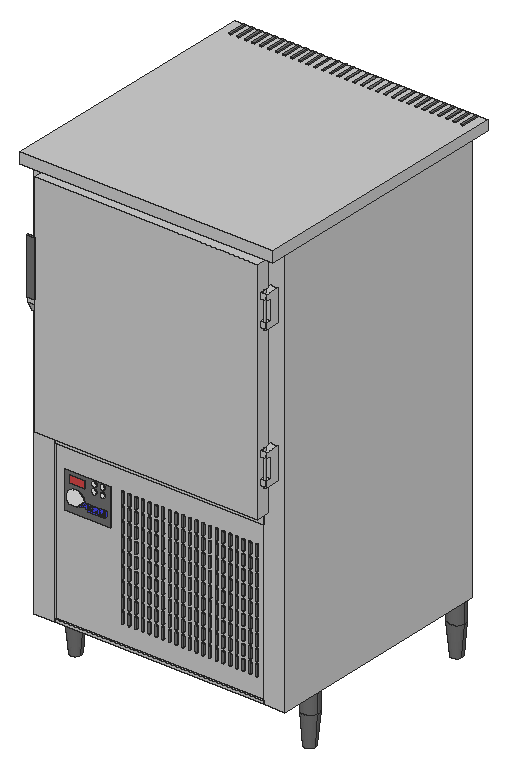
Revit family "QF_ACFRI_RS25-RL.190709092719", category Specialty Equipment, Revit 2016
Family settings
  Part Type = Normal
  Round Connector Dimension = Use Diameter
  OmniClass Number = 23.40.40.14
  OmniClass Title = Food Service Equipment
  Work Plane-Based = No
  Always vertical = Yes
  Cut with Voids When Loaded = No
  Shared = No
  Room Calculation Point = No
Parameters (values of type "RS25-RL_230V/1Ph/50Hz")
  URL catalogue = ""
  URL = "www.acfri.com"
  Type de Raccord Electrique [instance] = ""
  Type article [instance] = ""
  Tension = 230 V
  Status [instance] = ""
  Spécification technique = ""
  Spécification du Fabricant [instance] = ""
  Spécification de l'Utilisateur [instance] = ""
  SMACNA No spécifique pour les matériaux  Etats Unis = ""
  Quantité par lot [instance] = no
  Puissance électrique  = 1451 W
  Puissance en CV = ""
  Puissance Apparente = 1451 VA
  Protection de l'Appareil = 0 A
  Profondeur hors tout = 800 mm
  Poids net à vide = 140.00 kg
  Phase = 1
  Numéro de Série = ""
  Nombres de Pôles = 2
  Nombre d'identification NAFEM = ""
  Model = "RS25-RL"
  Manufacturer = "ACFRI"
  Longueur hors tout = 755 mm
  Intensité nominale courant electrique = 10 A
  Installé Par [instance] = ""
  Identifiant Equipement [instance] = no
  Hauteur hors tout = 1405 mm
  Hauteur de Raccordement du Sol Finis [instance] = 50 mm
  Hauteur de Raccordement du Sol Brut [instance] = 0 mm
  Fréquence = 50 Hz
  Fournis Par [instance] = ""
  Description = "CELLULE SÉRIE SMALL À GRILLE REFROIDISSEMENT/ SURGÉLATION RAPIDE"
  Câble de connexion à l'appareil inclus = no
  Cost = 0
  Consommation d'énergie minimale = 0 A
  Connexion prise électrique  = ""
  Code de Révision [instance] = ""
  Classification dans le projet = ""
  Classement sismique = ""
  Accessoires = no
Reference planes
  plane 1 "Centre (avant/arrière)": y = 0
  plane 2: z = 0
  plane 3 "Centre (gauche/droite)": x = 0
Forms (mm)
  Extrusion 1, solid, not visible
    sketch origin (49, -2, 199) x (1, 0, 0) y (0, 1, 0)
      loop
        line (0, 0) -> (2, 0) -> (2, 2) -> (0, 2) -> (0, 0)
    from 0 to 2
Dimensions and locks
  aligned and locked: level to plane 2
Nested families
  nested 1: "QF_ACFRI_RS25-RL_230V_1Ph_50Hz" at (0, 0, 150), type "RS25-RL_230V/1Ph/50Hz"
    with Show Logo yes, Show Clearance yes
  nested 2: "QF_ACFRI_RS25_30_40_DOOR_RX" at (0, 0, 150), type "RS25_30_40_DOOR_RX"
    with Show Logo yes, Show Clearance yes
  nested 3: "QF_ACFRI_RS12_15_20_LEGS" at (0, 0, 0), type "RS12_15_20_LEGS"
    with Show Logo yes, Show Clearance yes
  nested 4: "QF_ACFRI_RS25_30_40-CP" at (0, 0, 150), type "RS25_30_40-CP"
    with Show Logo yes, Show Clearance yes
Connectors
  electrical at (50, 0, 200), driven by "Puissance Apparente", driven by "Nombres de Pôles", driven by "Tension"
    settings: on Extrusion 1, index 1, voltage 230 V, apparent load 0 VA, apparent load phase1 1451 VA, apparent load phase2 0 VA, apparent load phase3 0 VA, power factor 1, load classification "Other", number of poles 2, system type 31, power factor state 1, is connector primary yes, connector utility no, sub classification motor no, connector description "Electric connection for 'RS25-RL'"
Definition of nested family "QF_ACFRI_RS25-RL_230V_1Ph_50Hz"
  Parameters (values of type "RS25-RL_230V/1Ph/50Hz")
    URL = "www.acfri.com"
    Show Logo [instance] = yes
    Show Clearance [instance] = yes
    Model = "RS25-RL"
    Manufacturer = "ACFRI"
    Description = "6 TO 11 LEVELS - REACH SPECIFICATION BLAST CHILLING, DEEP FREEZING CELLS"
    Assembly Code = "E1090320"
  Types (3, lengths in mm): name | Model | Description
    RS25-RL_230V/1Ph/50Hz | "RS25-RL" | "6 TO 11 LEVELS - REACH SPECIFICATION BLAST CHILLING, DEEP FREEZING CELLS"
    RS30-RL | "RS30-RL" | "6 TO 11 LEVELS - REACH SPECIFICATION BLAST CHILLING, DEEP FREEZING CELLS"
    RS40-RL | "RS40-RL" | "8 TO 15 LEVELS - REACH SPECIFICATION BLAST CHILLING, DEEP FREEZING CELLS"
  Reference planes
    plane 1 "Back": y = 0
    plane 2: z = 0
    plane 3 "Left": x = 0
    plane 4 "Right": x = 755
    plane 5 "Front": y = -800
    plane 6 "Top": z = 1254.917
  Forms (mm)
    Extrusion 1, solid
      sketch origin (0, 0, -150) x (0, 1, 0) y (0, 0, 1)
        loop
          line (-56.57, 1373.957) -> (-752.05, 1373.957) -> (-752.05, 150) -> (-56.57, 150) -> (-56.57, 1373.957)
      from 3.267 to 65.187
    Extrusion 2, solid
      sketch origin (0, 0, 289.917) x (0, 1, 0) y (0, 0, 1)
        loop
          line (0, 965) -> (-800, 965) -> (-800, 934.04) -> (0, 934.04) -> (0, 965)
      from 0 to 755
    Extrusion 3, solid
      sketch origin (0, 0, 1253.917) x (1, 0, 0) y (0, 1, 0)
        loop
          line (28.646, -1.681) -> (28.646, -56.57) -> (35.372, -56.57) -> (35.372, -1.681) -> (28.646, -1.681)
        loop
          line (51.706, -1.681) -> (51.706, -56.57) -> (58.431, -56.57) -> (58.431, -1.681) -> (51.706, -1.681)
        loop
          line (74.765, -1.681) -> (74.765, -56.57) -> (81.491, -56.57) -> (81.491, -1.681) -> (74.765, -1.681)
        loop
          line (97.825, -1.681) -> (97.825, -56.57) -> (104.551, -56.57) -> (104.551, -1.681) -> (97.825, -1.681)
        loop
          line (120.885, -1.681) -> (120.885, -56.57) -> (127.611, -56.57) -> (127.611, -1.681) -> (120.885, -1.681)
        loop
          line (143.945, -1.681) -> (143.945, -56.57) -> (150.671, -56.57) -> (150.671, -1.681) -> (143.945, -1.681)
        loop
          line (167.005, -1.681) -> (167.005, -56.57) -> (173.731, -56.57) -> (173.731, -1.681) -> (167.005, -1.681)
        loop
          line (190.065, -1.681) -> (190.065, -56.57) -> (196.79, -56.57) -> (196.79, -1.681) -> (190.065, -1.681)
        loop
          line (213.124, -1.681) -> (213.124, -56.57) -> (219.85, -56.57) -> (219.85, -1.681) -> (213.124, -1.681)
        loop
          line (236.184, -1.681) -> (236.184, -56.57) -> (242.91, -56.57) -> (242.91, -1.681) -> (236.184, -1.681)
        loop
          line (259.244, -1.681) -> (259.244, -56.57) -> (265.97, -56.57) -> (265.97, -1.681) -> (259.244, -1.681)
        loop
          line (282.304, -1.681) -> (282.304, -56.57) -> (289.03, -56.57) -> (289.03, -1.681) -> (282.304, -1.681)
        loop
          line (305.364, -1.681) -> (305.364, -56.57) -> (312.09, -56.57) -> (312.09, -1.681) -> (305.364, -1.681)
        loop
          line (328.424, -1.681) -> (328.424, -56.57) -> (335.149, -56.57) -> (335.149, -1.681) -> (328.424, -1.681)
        loop
          line (351.483, -1.681) -> (351.483, -56.57) -> (358.209, -56.57) -> (358.209, -1.681) -> (351.483, -1.681)
        loop
          line (374.543, -1.681) -> (374.543, -56.57) -> (381.269, -56.57) -> (381.269, -1.681) -> (374.543, -1.681)
        loop
          line (397.603, -1.681) -> (397.603, -56.57) -> (404.329, -56.57) -> (404.329, -1.681) -> (397.603, -1.681)
        loop
          line (420.663, -1.681) -> (420.663, -56.57) -> (427.389, -56.57) -> (427.389, -1.681) -> (420.663, -1.681)
        loop
          line (443.723, -1.681) -> (443.723, -56.57) -> (450.448, -56.57) -> (450.448, -1.681) -> (443.723, -1.681)
        loop
          line (466.783, -1.681) -> (466.783, -56.57) -> (473.508, -56.57) -> (473.508, -1.681) -> (466.783, -1.681)
        loop
          line (489.842, -1.681) -> (489.842, -56.57) -> (496.568, -56.57) -> (496.568, -1.681) -> (489.842, -1.681)
        loop
          line (512.902, -1.681) -> (512.902, -56.57) -> (519.628, -56.57) -> (519.628, -1.681) -> (512.902, -1.681)
        loop
          line (535.962, -1.681) -> (535.962, -56.57) -> (542.688, -56.57) -> (542.688, -1.681) -> (535.962, -1.681)
        loop
          line (559.022, -1.681) -> (559.022, -56.57) -> (565.748, -56.57) -> (565.748, -1.681) -> (559.022, -1.681)
        loop
          line (582.082, -1.681) -> (582.082, -56.57) -> (588.807, -56.57) -> (588.807, -1.681) -> (582.082, -1.681)
        loop
          line (605.141, -1.681) -> (605.141, -56.57) -> (611.867, -56.57) -> (611.867, -1.681) -> (605.141, -1.681)
        loop
          line (628.201, -1.681) -> (628.201, -56.57) -> (634.927, -56.57) -> (634.927, -1.681) -> (628.201, -1.681)
        loop
          line (651.261, -1.681) -> (651.261, -56.57) -> (657.987, -56.57) -> (657.987, -1.681) -> (651.261, -1.681)
        loop
          line (674.321, -1.681) -> (674.321, -56.57) -> (681.047, -56.57) -> (681.047, -1.681) -> (674.321, -1.681)
        loop
          line (697.381, -1.681) -> (697.381, -56.57) -> (704.107, -56.57) -> (704.107, -1.681) -> (697.381, -1.681)
        loop
          line (720.441, -1.681) -> (720.441, -56.57) -> (727.166, -56.57) -> (727.166, -1.681) -> (720.441, -1.681)
      from 0 to 2
    Extrusion 4, solid
      sketch origin (0, -100.05, -150) x (1, 0, 0) y (0, 0, 1)
        loop
          line (44.706, 1347.823) -> (44.706, 672.113) -> (701.163, 672.113) -> (701.163, 1347.823) -> (44.706, 1347.823)
        loop
          line (65.187, 1327.517) -> (65.187, 692.419) -> (680.711, 692.419) -> (680.711, 1327.517) -> (65.187, 1327.517)
      from 652 to 662.15
    Extrusion 5, solid
      sketch origin (0, -746.05, -119.991) x (1, 0, 0) y (0, 0, 1)
        loop
          line (261.229, 454.546) -> (261.229, 427.546)
          arc (261.229, 427.546) -> (264.729, 424.046) -> (268.229, 427.546) r 3.5
          line (268.229, 427.546) -> (268.229, 454.546)
          arc (268.229, 454.546) -> (264.729, 458.046) -> (261.229, 454.546) r 3.5
        loop
          line (281.229, 454.546) -> (281.229, 427.546)
          arc (281.229, 427.546) -> (284.729, 424.046) -> (288.229, 427.546) r 3.5
          line (288.229, 427.546) -> (288.229, 454.546)
          arc (288.229, 454.546) -> (284.729, 458.046) -> (281.229, 454.546) r 3.5
        loop
          line (301.229, 454.546) -> (301.229, 427.546)
          arc (301.229, 427.546) -> (304.729, 424.046) -> (308.229, 427.546) r 3.5
          line (308.229, 427.546) -> (308.229, 454.546)
          arc (308.229, 454.546) -> (304.729, 458.046) -> (301.229, 454.546) r 3.5
        loop
          line (321.229, 454.546) -> (321.229, 427.546)
          arc (321.229, 427.546) -> (324.729, 424.046) -> (328.229, 427.546) r 3.5
          line (328.229, 427.546) -> (328.229, 454.546)
          arc (328.229, 454.546) -> (324.729, 458.046) -> (321.229, 454.546) r 3.5
        loop
          line (341.229, 454.546) -> (341.229, 427.546)
          arc (341.229, 427.546) -> (344.729, 424.046) -> (348.229, 427.546) r 3.5
          line (348.229, 427.546) -> (348.229, 454.546)
          arc (348.229, 454.546) -> (344.729, 458.046) -> (341.229, 454.546) r 3.5
        loop
          line (361.229, 454.546) -> (361.229, 427.546)
          arc (361.229, 427.546) -> (364.729, 424.046) -> (368.229, 427.546) r 3.5
          line (368.229, 427.546) -> (368.229, 454.546)
          arc (368.229, 454.546) -> (364.729, 458.046) -> (361.229, 454.546) r 3.5
        loop
          line (381.229, 454.546) -> (381.229, 427.546)
          arc (381.229, 427.546) -> (384.729, 424.046) -> (388.229, 427.546) r 3.5
          line (388.229, 427.546) -> (388.229, 454.546)
          arc (388.229, 454.546) -> (384.729, 458.046) -> (381.229, 454.546) r 3.5
        loop
          line (401.229, 454.546) -> (401.229, 427.546)
          arc (401.229, 427.546) -> (404.729, 424.046) -> (408.229, 427.546) r 3.5
          line (408.229, 427.546) -> (408.229, 454.546)
          arc (408.229, 454.546) -> (404.729, 458.046) -> (401.229, 454.546) r 3.5
        loop
          line (421.229, 454.546) -> (421.229, 427.546)
          arc (421.229, 427.546) -> (424.729, 424.046) -> (428.229, 427.546) r 3.5
          line (428.229, 427.546) -> (428.229, 454.546)
          arc (428.229, 454.546) -> (424.729, 458.046) -> (421.229, 454.546) r 3.5
        loop
          line (441.229, 454.546) -> (441.229, 427.546)
          arc (441.229, 427.546) -> (444.729, 424.046) -> (448.229, 427.546) r 3.5
          line (448.229, 427.546) -> (448.229, 454.546)
          arc (448.229, 454.546) -> (444.729, 458.046) -> (441.229, 454.546) r 3.5
        loop
          line (461.229, 454.546) -> (461.229, 427.546)
          arc (461.229, 427.546) -> (464.729, 424.046) -> (468.229, 427.546) r 3.5
          line (468.229, 427.546) -> (468.229, 454.546)
          arc (468.229, 454.546) -> (464.729, 458.046) -> (461.229, 454.546) r 3.5
        loop
          line (481.229, 454.546) -> (481.229, 427.546)
          arc (481.229, 427.546) -> (484.729, 424.046) -> (488.229, 427.546) r 3.5
          line (488.229, 427.546) -> (488.229, 454.546)
          arc (488.229, 454.546) -> (484.729, 458.046) -> (481.229, 454.546) r 3.5
        loop
          line (501.229, 454.546) -> (501.229, 427.546)
          arc (501.229, 427.546) -> (504.729, 424.046) -> (508.229, 427.546) r 3.5
          line (508.229, 427.546) -> (508.229, 454.546)
          arc (508.229, 454.546) -> (504.729, 458.046) -> (501.229, 454.546) r 3.5
        loop
          line (521.229, 454.546) -> (521.229, 427.546)
          arc (521.229, 427.546) -> (524.729, 424.046) -> (528.229, 427.546) r 3.5
          line (528.229, 427.546) -> (528.229, 454.546)
          arc (528.229, 454.546) -> (524.729, 458.046) -> (521.229, 454.546) r 3.5
        loop
          line (541.229, 454.546) -> (541.229, 427.546)
          arc (541.229, 427.546) -> (544.729, 424.046) -> (548.229, 427.546) r 3.5
          line (548.229, 427.546) -> (548.229, 454.546)
          arc (548.229, 454.546) -> (544.729, 458.046) -> (541.229, 454.546) r 3.5
        loop
          line (561.229, 454.546) -> (561.229, 427.546)
          arc (561.229, 427.546) -> (564.729, 424.046) -> (568.229, 427.546) r 3.5
          line (568.229, 427.546) -> (568.229, 454.546)
          arc (568.229, 454.546) -> (564.729, 458.046) -> (561.229, 454.546) r 3.5
        loop
          line (581.229, 454.546) -> (581.229, 427.546)
          arc (581.229, 427.546) -> (584.729, 424.046) -> (588.229, 427.546) r 3.5
          line (588.229, 427.546) -> (588.229, 454.546)
          arc (588.229, 454.546) -> (584.729, 458.046) -> (581.229, 454.546) r 3.5
        loop
          line (601.229, 454.546) -> (601.229, 427.546)
          arc (601.229, 427.546) -> (604.729, 424.046) -> (608.229, 427.546) r 3.5
          line (608.229, 427.546) -> (608.229, 454.546)
          arc (608.229, 454.546) -> (604.729, 458.046) -> (601.229, 454.546) r 3.5
        loop
          line (621.229, 454.546) -> (621.229, 427.546)
          arc (621.229, 427.546) -> (624.729, 424.046) -> (628.229, 427.546) r 3.5
          line (628.229, 427.546) -> (628.229, 454.546)
          arc (628.229, 454.546) -> (624.729, 458.046) -> (621.229, 454.546) r 3.5
        loop
          line (641.229, 454.546) -> (641.229, 427.546)
          arc (641.229, 427.546) -> (644.729, 424.046) -> (648.229, 427.546) r 3.5
          line (648.229, 427.546) -> (648.229, 454.546)
          arc (648.229, 454.546) -> (644.729, 458.046) -> (641.229, 454.546) r 3.5
        loop
          line (661.229, 454.546) -> (661.229, 427.546)
          arc (661.229, 427.546) -> (664.729, 424.046) -> (668.229, 427.546) r 3.5
          line (668.229, 427.546) -> (668.229, 454.546)
          arc (668.229, 454.546) -> (664.729, 458.046) -> (661.229, 454.546) r 3.5
        loop
          line (261.229, 414.546) -> (261.229, 387.546)
          arc (261.229, 387.546) -> (264.729, 384.046) -> (268.229, 387.546) r 3.5
          line (268.229, 387.546) -> (268.229, 414.546)
          arc (268.229, 414.546) -> (264.729, 418.046) -> (261.229, 414.546) r 3.5
        loop
          line (281.229, 414.546) -> (281.229, 387.546)
          arc (281.229, 387.546) -> (284.729, 384.046) -> (288.229, 387.546) r 3.5
          line (288.229, 387.546) -> (288.229, 414.546)
          arc (288.229, 414.546) -> (284.729, 418.046) -> (281.229, 414.546) r 3.5
        loop
          line (301.229, 414.546) -> (301.229, 387.546)
          arc (301.229, 387.546) -> (304.729, 384.046) -> (308.229, 387.546) r 3.5
          line (308.229, 387.546) -> (308.229, 414.546)
          arc (308.229, 414.546) -> (304.729, 418.046) -> (301.229, 414.546) r 3.5
        loop
          line (321.229, 414.546) -> (321.229, 387.546)
          arc (321.229, 387.546) -> (324.729, 384.046) -> (328.229, 387.546) r 3.5
          line (328.229, 387.546) -> (328.229, 414.546)
          arc (328.229, 414.546) -> (324.729, 418.046) -> (321.229, 414.546) r 3.5
        loop
          line (341.229, 414.546) -> (341.229, 387.546)
          arc (341.229, 387.546) -> (344.729, 384.046) -> (348.229, 387.546) r 3.5
          line (348.229, 387.546) -> (348.229, 414.546)
          arc (348.229, 414.546) -> (344.729, 418.046) -> (341.229, 414.546) r 3.5
        loop
          line (361.229, 414.546) -> (361.229, 387.546)
          arc (361.229, 387.546) -> (364.729, 384.046) -> (368.229, 387.546) r 3.5
          line (368.229, 387.546) -> (368.229, 414.546)
          arc (368.229, 414.546) -> (364.729, 418.046) -> (361.229, 414.546) r 3.5
        loop
          line (381.229, 414.546) -> (381.229, 387.546)
          arc (381.229, 387.546) -> (384.729, 384.046) -> (388.229, 387.546) r 3.5
          line (388.229, 387.546) -> (388.229, 414.546)
          arc (388.229, 414.546) -> (384.729, 418.046) -> (381.229, 414.546) r 3.5
        loop
          line (401.229, 414.546) -> (401.229, 387.546)
          arc (401.229, 387.546) -> (404.729, 384.046) -> (408.229, 387.546) r 3.5
          line (408.229, 387.546) -> (408.229, 414.546)
          arc (408.229, 414.546) -> (404.729, 418.046) -> (401.229, 414.546) r 3.5
        loop
          line (421.229, 414.546) -> (421.229, 387.546)
          arc (421.229, 387.546) -> (424.729, 384.046) -> (428.229, 387.546) r 3.5
          line (428.229, 387.546) -> (428.229, 414.546)
          arc (428.229, 414.546) -> (424.729, 418.046) -> (421.229, 414.546) r 3.5
        loop
          line (441.229, 414.546) -> (441.229, 387.546)
          arc (441.229, 387.546) -> (444.729, 384.046) -> (448.229, 387.546) r 3.5
          line (448.229, 387.546) -> (448.229, 414.546)
          arc (448.229, 414.546) -> (444.729, 418.046) -> (441.229, 414.546) r 3.5
        loop
          line (461.229, 414.546) -> (461.229, 387.546)
          arc (461.229, 387.546) -> (464.729, 384.046) -> (468.229, 387.546) r 3.5
          line (468.229, 387.546) -> (468.229, 414.546)
          arc (468.229, 414.546) -> (464.729, 418.046) -> (461.229, 414.546) r 3.5
        loop
          line (481.229, 414.546) -> (481.229, 387.546)
          arc (481.229, 387.546) -> (484.729, 384.046) -> (488.229, 387.546) r 3.5
          line (488.229, 387.546) -> (488.229, 414.546)
          arc (488.229, 414.546) -> (484.729, 418.046) -> (481.229, 414.546) r 3.5
        loop
          line (501.229, 414.546) -> (501.229, 387.546)
          arc (501.229, 387.546) -> (504.729, 384.046) -> (508.229, 387.546) r 3.5
          line (508.229, 387.546) -> (508.229, 414.546)
          arc (508.229, 414.546) -> (504.729, 418.046) -> (501.229, 414.546) r 3.5
        loop
          line (521.229, 414.546) -> (521.229, 387.546)
          arc (521.229, 387.546) -> (524.729, 384.046) -> (528.229, 387.546) r 3.5
          line (528.229, 387.546) -> (528.229, 414.546)
          arc (528.229, 414.546) -> (524.729, 418.046) -> (521.229, 414.546) r 3.5
        loop
          line (541.229, 414.546) -> (541.229, 387.546)
          arc (541.229, 387.546) -> (544.729, 384.046) -> (548.229, 387.546) r 3.5
          line (548.229, 387.546) -> (548.229, 414.546)
          arc (548.229, 414.546) -> (544.729, 418.046) -> (541.229, 414.546) r 3.5
        loop
          line (561.229, 414.546) -> (561.229, 387.546)
          arc (561.229, 387.546) -> (564.729, 384.046) -> (568.229, 387.546) r 3.5
          line (568.229, 387.546) -> (568.229, 414.546)
          arc (568.229, 414.546) -> (564.729, 418.046) -> (561.229, 414.546) r 3.5
        loop
          line (581.229, 414.546) -> (581.229, 387.546)
          arc (581.229, 387.546) -> (584.729, 384.046) -> (588.229, 387.546) r 3.5
          line (588.229, 387.546) -> (588.229, 414.546)
          arc (588.229, 414.546) -> (584.729, 418.046) -> (581.229, 414.546) r 3.5
        loop
          line (601.229, 414.546) -> (601.229, 387.546)
          arc (601.229, 387.546) -> (604.729, 384.046) -> (608.229, 387.546) r 3.5
          line (608.229, 387.546) -> (608.229, 414.546)
          arc (608.229, 414.546) -> (604.729, 418.046) -> (601.229, 414.546) r 3.5
        loop
          line (621.229, 414.546) -> (621.229, 387.546)
          arc (621.229, 387.546) -> (624.729, 384.046) -> (628.229, 387.546) r 3.5
          line (628.229, 387.546) -> (628.229, 414.546)
          arc (628.229, 414.546) -> (624.729, 418.046) -> (621.229, 414.546) r 3.5
        loop
          line (641.229, 414.546) -> (641.229, 387.546)
          arc (641.229, 387.546) -> (644.729, 384.046) -> (648.229, 387.546) r 3.5
          line (648.229, 387.546) -> (648.229, 414.546)
          arc (648.229, 414.546) -> (644.729, 418.046) -> (641.229, 414.546) r 3.5
        loop
          line (661.229, 414.546) -> (661.229, 387.546)
          arc (661.229, 387.546) -> (664.729, 384.046) -> (668.229, 387.546) r 3.5
          line (668.229, 387.546) -> (668.229, 414.546)
          arc (668.229, 414.546) -> (664.729, 418.046) -> (661.229, 414.546) r 3.5
        loop
          line (261.229, 374.546) -> (261.229, 347.546)
          arc (261.229, 347.546) -> (264.729, 344.046) -> (268.229, 347.546) r 3.5
          line (268.229, 347.546) -> (268.229, 374.546)
          arc (268.229, 374.546) -> (264.729, 378.046) -> (261.229, 374.546) r 3.5
        loop
          line (281.229, 374.546) -> (281.229, 347.546)
          arc (281.229, 347.546) -> (284.729, 344.046) -> (288.229, 347.546) r 3.5
          line (288.229, 347.546) -> (288.229, 374.546)
          arc (288.229, 374.546) -> (284.729, 378.046) -> (281.229, 374.546) r 3.5
        loop
          line (301.229, 374.546) -> (301.229, 347.546)
          arc (301.229, 347.546) -> (304.729, 344.046) -> (308.229, 347.546) r 3.5
          line (308.229, 347.546) -> (308.229, 374.546)
          arc (308.229, 374.546) -> (304.729, 378.046) -> (301.229, 374.546) r 3.5
        loop
          line (321.229, 374.546) -> (321.229, 347.546)
          arc (321.229, 347.546) -> (324.729, 344.046) -> (328.229, 347.546) r 3.5
          line (328.229, 347.546) -> (328.229, 374.546)
          arc (328.229, 374.546) -> (324.729, 378.046) -> (321.229, 374.546) r 3.5
        loop
          line (341.229, 374.546) -> (341.229, 347.546)
          arc (341.229, 347.546) -> (344.729, 344.046) -> (348.229, 347.546) r 3.5
          line (348.229, 347.546) -> (348.229, 374.546)
          arc (348.229, 374.546) -> (344.729, 378.046) -> (341.229, 374.546) r 3.5
        loop
          line (361.229, 374.546) -> (361.229, 347.546)
          arc (361.229, 347.546) -> (364.729, 344.046) -> (368.229, 347.546) r 3.5
          line (368.229, 347.546) -> (368.229, 374.546)
          arc (368.229, 374.546) -> (364.729, 378.046) -> (361.229, 374.546) r 3.5
        loop
          line (381.229, 374.546) -> (381.229, 347.546)
          arc (381.229, 347.546) -> (384.729, 344.046) -> (388.229, 347.546) r 3.5
          line (388.229, 347.546) -> (388.229, 374.546)
          arc (388.229, 374.546) -> (384.729, 378.046) -> (381.229, 374.546) r 3.5
        loop
          line (401.229, 374.546) -> (401.229, 347.546)
          arc (401.229, 347.546) -> (404.729, 344.046) -> (408.229, 347.546) r 3.5
          line (408.229, 347.546) -> (408.229, 374.546)
          arc (408.229, 374.546) -> (404.729, 378.046) -> (401.229, 374.546) r 3.5
        loop
          line (421.229, 374.546) -> (421.229, 347.546)
          arc (421.229, 347.546) -> (424.729, 344.046) -> (428.229, 347.546) r 3.5
          line (428.229, 347.546) -> (428.229, 374.546)
          arc (428.229, 374.546) -> (424.729, 378.046) -> (421.229, 374.546) r 3.5
        loop
          line (441.229, 374.546) -> (441.229, 347.546)
          arc (441.229, 347.546) -> (444.729, 344.046) -> (448.229, 347.546) r 3.5
          line (448.229, 347.546) -> (448.229, 374.546)
          arc (448.229, 374.546) -> (444.729, 378.046) -> (441.229, 374.546) r 3.5
        loop
          line (461.229, 374.546) -> (461.229, 347.546)
          arc (461.229, 347.546) -> (464.729, 344.046) -> (468.229, 347.546) r 3.5
          line (468.229, 347.546) -> (468.229, 374.546)
          arc (468.229, 374.546) -> (464.729, 378.046) -> (461.229, 374.546) r 3.5
        loop
          line (481.229, 374.546) -> (481.229, 347.546)
          arc (481.229, 347.546) -> (484.729, 344.046) -> (488.229, 347.546) r 3.5
          line (488.229, 347.546) -> (488.229, 374.546)
          arc (488.229, 374.546) -> (484.729, 378.046) -> (481.229, 374.546) r 3.5
        loop
          line (501.229, 374.546) -> (501.229, 347.546)
          arc (501.229, 347.546) -> (504.729, 344.046) -> (508.229, 347.546) r 3.5
          line (508.229, 347.546) -> (508.229, 374.546)
          arc (508.229, 374.546) -> (504.729, 378.046) -> (501.229, 374.546) r 3.5
        loop
          line (521.229, 374.546) -> (521.229, 347.546)
          arc (521.229, 347.546) -> (524.729, 344.046) -> (528.229, 347.546) r 3.5
          line (528.229, 347.546) -> (528.229, 374.546)
          arc (528.229, 374.546) -> (524.729, 378.046) -> (521.229, 374.546) r 3.5
        loop
          line (541.229, 374.546) -> (541.229, 347.546)
          arc (541.229, 347.546) -> (544.729, 344.046) -> (548.229, 347.546) r 3.5
          line (548.229, 347.546) -> (548.229, 374.546)
          arc (548.229, 374.546) -> (544.729, 378.046) -> (541.229, 374.546) r 3.5
        loop
          line (561.229, 374.546) -> (561.229, 347.546)
          arc (561.229, 347.546) -> (564.729, 344.046) -> (568.229, 347.546) r 3.5
          line (568.229, 347.546) -> (568.229, 374.546)
          arc (568.229, 374.546) -> (564.729, 378.046) -> (561.229, 374.546) r 3.5
        loop
          line (581.229, 374.546) -> (581.229, 347.546)
          arc (581.229, 347.546) -> (584.729, 344.046) -> (588.229, 347.546) r 3.5
          line (588.229, 347.546) -> (588.229, 374.546)
          arc (588.229, 374.546) -> (584.729, 378.046) -> (581.229, 374.546) r 3.5
        loop
          line (601.229, 374.546) -> (601.229, 347.546)
          arc (601.229, 347.546) -> (604.729, 344.046) -> (608.229, 347.546) r 3.5
          line (608.229, 347.546) -> (608.229, 374.546)
          arc (608.229, 374.546) -> (604.729, 378.046) -> (601.229, 374.546) r 3.5
        loop
          line (621.229, 374.546) -> (621.229, 347.546)
          arc (621.229, 347.546) -> (624.729, 344.046) -> (628.229, 347.546) r 3.5
          line (628.229, 347.546) -> (628.229, 374.546)
          arc (628.229, 374.546) -> (624.729, 378.046) -> (621.229, 374.546) r 3.5
        loop
          line (641.229, 374.546) -> (641.229, 347.546)
          arc (641.229, 347.546) -> (644.729, 344.046) -> (648.229, 347.546) r 3.5
          line (648.229, 347.546) -> (648.229, 374.546)
          arc (648.229, 374.546) -> (644.729, 378.046) -> (641.229, 374.546) r 3.5
        loop
          line (661.229, 374.546) -> (661.229, 347.546)
          arc (661.229, 347.546) -> (664.729, 344.046) -> (668.229, 347.546) r 3.5
          line (668.229, 347.546) -> (668.229, 374.546)
          arc (668.229, 374.546) -> (664.729, 378.046) -> (661.229, 374.546) r 3.5
        loop
          line (261.229, 334.546) -> (261.229, 307.546)
          arc (261.229, 307.546) -> (264.729, 304.046) -> (268.229, 307.546) r 3.5
          line (268.229, 307.546) -> (268.229, 334.546)
          arc (268.229, 334.546) -> (264.729, 338.046) -> (261.229, 334.546) r 3.5
        loop
          line (281.229, 334.546) -> (281.229, 307.546)
          arc (281.229, 307.546) -> (284.729, 304.046) -> (288.229, 307.546) r 3.5
          line (288.229, 307.546) -> (288.229, 334.546)
          arc (288.229, 334.546) -> (284.729, 338.046) -> (281.229, 334.546) r 3.5
        loop
          line (301.229, 334.546) -> (301.229, 307.546)
          arc (301.229, 307.546) -> (304.729, 304.046) -> (308.229, 307.546) r 3.5
          line (308.229, 307.546) -> (308.229, 334.546)
          arc (308.229, 334.546) -> (304.729, 338.046) -> (301.229, 334.546) r 3.5
        loop
          line (321.229, 334.546) -> (321.229, 307.546)
          arc (321.229, 307.546) -> (324.729, 304.046) -> (328.229, 307.546) r 3.5
          line (328.229, 307.546) -> (328.229, 334.546)
          arc (328.229, 334.546) -> (324.729, 338.046) -> (321.229, 334.546) r 3.5
        loop
          line (341.229, 334.546) -> (341.229, 307.546)
          arc (341.229, 307.546) -> (344.729, 304.046) -> (348.229, 307.546) r 3.5
          line (348.229, 307.546) -> (348.229, 334.546)
          arc (348.229, 334.546) -> (344.729, 338.046) -> (341.229, 334.546) r 3.5
        loop
          line (361.229, 334.546) -> (361.229, 307.546)
          arc (361.229, 307.546) -> (364.729, 304.046) -> (368.229, 307.546) r 3.5
          line (368.229, 307.546) -> (368.229, 334.546)
          arc (368.229, 334.546) -> (364.729, 338.046) -> (361.229, 334.546) r 3.5
        loop
          line (381.229, 334.546) -> (381.229, 307.546)
          arc (381.229, 307.546) -> (384.729, 304.046) -> (388.229, 307.546) r 3.5
          line (388.229, 307.546) -> (388.229, 334.546)
          arc (388.229, 334.546) -> (384.729, 338.046) -> (381.229, 334.546) r 3.5
        loop
          line (401.229, 334.546) -> (401.229, 307.546)
          arc (401.229, 307.546) -> (404.729, 304.046) -> (408.229, 307.546) r 3.5
          line (408.229, 307.546) -> (408.229, 334.546)
          arc (408.229, 334.546) -> (404.729, 338.046) -> (401.229, 334.546) r 3.5
        loop
          line (421.229, 334.546) -> (421.229, 307.546)
          arc (421.229, 307.546) -> (424.729, 304.046) -> (428.229, 307.546) r 3.5
          line (428.229, 307.546) -> (428.229, 334.546)
          arc (428.229, 334.546) -> (424.729, 338.046) -> (421.229, 334.546) r 3.5
        loop
          line (441.229, 334.546) -> (441.229, 307.546)
          arc (441.229, 307.546) -> (444.729, 304.046) -> (448.229, 307.546) r 3.5
          line (448.229, 307.546) -> (448.229, 334.546)
          arc (448.229, 334.546) -> (444.729, 338.046) -> (441.229, 334.546) r 3.5
        loop
          line (461.229, 334.546) -> (461.229, 307.546)
          arc (461.229, 307.546) -> (464.729, 304.046) -> (468.229, 307.546) r 3.5
          line (468.229, 307.546) -> (468.229, 334.546)
          arc (468.229, 334.546) -> (464.729, 338.046) -> (461.229, 334.546) r 3.5
        loop
          line (481.229, 334.546) -> (481.229, 307.546)
          arc (481.229, 307.546) -> (484.729, 304.046) -> (488.229, 307.546) r 3.5
          line (488.229, 307.546) -> (488.229, 334.546)
          arc (488.229, 334.546) -> (484.729, 338.046) -> (481.229, 334.546) r 3.5
        loop
          line (501.229, 334.546) -> (501.229, 307.546)
          arc (501.229, 307.546) -> (504.729, 304.046) -> (508.229, 307.546) r 3.5
          line (508.229, 307.546) -> (508.229, 334.546)
          arc (508.229, 334.546) -> (504.729, 338.046) -> (501.229, 334.546) r 3.5
        loop
          line (521.229, 334.546) -> (521.229, 307.546)
          arc (521.229, 307.546) -> (524.729, 304.046) -> (528.229, 307.546) r 3.5
          line (528.229, 307.546) -> (528.229, 334.546)
          arc (528.229, 334.546) -> (524.729, 338.046) -> (521.229, 334.546) r 3.5
        loop
          line (541.229, 334.546) -> (541.229, 307.546)
          arc (541.229, 307.546) -> (544.729, 304.046) -> (548.229, 307.546) r 3.5
          line (548.229, 307.546) -> (548.229, 334.546)
          arc (548.229, 334.546) -> (544.729, 338.046) -> (541.229, 334.546) r 3.5
        loop
          line (561.229, 334.546) -> (561.229, 307.546)
          arc (561.229, 307.546) -> (564.729, 304.046) -> (568.229, 307.546) r 3.5
          line (568.229, 307.546) -> (568.229, 334.546)
          arc (568.229, 334.546) -> (564.729, 338.046) -> (561.229, 334.546) r 3.5
        loop
          line (581.229, 334.546) -> (581.229, 307.546)
          arc (581.229, 307.546) -> (584.729, 304.046) -> (588.229, 307.546) r 3.5
          line (588.229, 307.546) -> (588.229, 334.546)
          arc (588.229, 334.546) -> (584.729, 338.046) -> (581.229, 334.546) r 3.5
        loop
          line (601.229, 334.546) -> (601.229, 307.546)
          arc (601.229, 307.546) -> (604.729, 304.046) -> (608.229, 307.546) r 3.5
          line (608.229, 307.546) -> (608.229, 334.546)
          arc (608.229, 334.546) -> (604.729, 338.046) -> (601.229, 334.546) r 3.5
        loop
          line (621.229, 334.546) -> (621.229, 307.546)
          arc (621.229, 307.546) -> (624.729, 304.046) -> (628.229, 307.546) r 3.5
          line (628.229, 307.546) -> (628.229, 334.546)
          arc (628.229, 334.546) -> (624.729, 338.046) -> (621.229, 334.546) r 3.5
        loop
          line (641.229, 334.546) -> (641.229, 307.546)
          arc (641.229, 307.546) -> (644.729, 304.046) -> (648.229, 307.546) r 3.5
          line (648.229, 307.546) -> (648.229, 334.546)
          arc (648.229, 334.546) -> (644.729, 338.046) -> (641.229, 334.546) r 3.5
        loop
          line (661.229, 334.546) -> (661.229, 307.546)
          arc (661.229, 307.546) -> (664.729, 304.046) -> (668.229, 307.546) r 3.5
          line (668.229, 307.546) -> (668.229, 334.546)
          arc (668.229, 334.546) -> (664.729, 338.046) -> (661.229, 334.546) r 3.5
        loop
          line (261.229, 294.546) -> (261.229, 267.546)
          arc (261.229, 267.546) -> (264.729, 264.046) -> (268.229, 267.546) r 3.5
          line (268.229, 267.546) -> (268.229, 294.546)
          arc (268.229, 294.546) -> (264.729, 298.046) -> (261.229, 294.546) r 3.5
        loop
          line (281.229, 294.546) -> (281.229, 267.546)
          arc (281.229, 267.546) -> (284.729, 264.046) -> (288.229, 267.546) r 3.5
          line (288.229, 267.546) -> (288.229, 294.546)
          arc (288.229, 294.546) -> (284.729, 298.046) -> (281.229, 294.546) r 3.5
        loop
          line (301.229, 294.546) -> (301.229, 267.546)
          arc (301.229, 267.546) -> (304.729, 264.046) -> (308.229, 267.546) r 3.5
          line (308.229, 267.546) -> (308.229, 294.546)
          arc (308.229, 294.546) -> (304.729, 298.046) -> (301.229, 294.546) r 3.5
        loop
          line (321.229, 294.546) -> (321.229, 267.546)
          arc (321.229, 267.546) -> (324.729, 264.046) -> (328.229, 267.546) r 3.5
          line (328.229, 267.546) -> (328.229, 294.546)
          arc (328.229, 294.546) -> (324.729, 298.046) -> (321.229, 294.546) r 3.5
        loop
          line (341.229, 294.546) -> (341.229, 267.546)
          arc (341.229, 267.546) -> (344.729, 264.046) -> (348.229, 267.546) r 3.5
          line (348.229, 267.546) -> (348.229, 294.546)
          arc (348.229, 294.546) -> (344.729, 298.046) -> (341.229, 294.546) r 3.5
        loop
          line (361.229, 294.546) -> (361.229, 267.546)
          arc (361.229, 267.546) -> (364.729, 264.046) -> (368.229, 267.546) r 3.5
          line (368.229, 267.546) -> (368.229, 294.546)
          arc (368.229, 294.546) -> (364.729, 298.046) -> (361.229, 294.546) r 3.5
        loop
          line (381.229, 294.546) -> (381.229, 267.546)
          arc (381.229, 267.546) -> (384.729, 264.046) -> (388.229, 267.546) r 3.5
          line (388.229, 267.546) -> (388.229, 294.546)
          arc (388.229, 294.546) -> (384.729, 298.046) -> (381.229, 294.546) r 3.5
        loop
          line (401.229, 294.546) -> (401.229, 267.546)
          arc (401.229, 267.546) -> (404.729, 264.046) -> (408.229, 267.546) r 3.5
          line (408.229, 267.546) -> (408.229, 294.546)
          arc (408.229, 294.546) -> (404.729, 298.046) -> (401.229, 294.546) r 3.5
        loop
          line (421.229, 294.546) -> (421.229, 267.546)
          arc (421.229, 267.546) -> (424.729, 264.046) -> (428.229, 267.546) r 3.5
          line (428.229, 267.546) -> (428.229, 294.546)
          arc (428.229, 294.546) -> (424.729, 298.046) -> (421.229, 294.546) r 3.5
        loop
          line (441.229, 294.546) -> (441.229, 267.546)
          arc (441.229, 267.546) -> (444.729, 264.046) -> (448.229, 267.546) r 3.5
          line (448.229, 267.546) -> (448.229, 294.546)
          arc (448.229, 294.546) -> (444.729, 298.046) -> (441.229, 294.546) r 3.5
        loop
          line (461.229, 294.546) -> (461.229, 267.546)
          arc (461.229, 267.546) -> (464.729, 264.046) -> (468.229, 267.546) r 3.5
          line (468.229, 267.546) -> (468.229, 294.546)
          arc (468.229, 294.546) -> (464.729, 298.046) -> (461.229, 294.546) r 3.5
        loop
          line (481.229, 294.546) -> (481.229, 267.546)
          arc (481.229, 267.546) -> (484.729, 264.046) -> (488.229, 267.546) r 3.5
          line (488.229, 267.546) -> (488.229, 294.546)
          arc (488.229, 294.546) -> (484.729, 298.046) -> (481.229, 294.546) r 3.5
        loop
          line (501.229, 294.546) -> (501.229, 267.546)
          arc (501.229, 267.546) -> (504.729, 264.046) -> (508.229, 267.546) r 3.5
          line (508.229, 267.546) -> (508.229, 294.546)
          arc (508.229, 294.546) -> (504.729, 298.046) -> (501.229, 294.546) r 3.5
        loop
          line (521.229, 294.546) -> (521.229, 267.546)
          arc (521.229, 267.546) -> (524.729, 264.046) -> (528.229, 267.546) r 3.5
          line (528.229, 267.546) -> (528.229, 294.546)
          arc (528.229, 294.546) -> (524.729, 298.046) -> (521.229, 294.546) r 3.5
        loop
          line (541.229, 294.546) -> (541.229, 267.546)
          arc (541.229, 267.546) -> (544.729, 264.046) -> (548.229, 267.546) r 3.5
          line (548.229, 267.546) -> (548.229, 294.546)
          arc (548.229, 294.546) -> (544.729, 298.046) -> (541.229, 294.546) r 3.5
        loop
          line (561.229, 294.546) -> (561.229, 267.546)
          arc (561.229, 267.546) -> (564.729, 264.046) -> (568.229, 267.546) r 3.5
          line (568.229, 267.546) -> (568.229, 294.546)
          arc (568.229, 294.546) -> (564.729, 298.046) -> (561.229, 294.546) r 3.5
        loop
          line (581.229, 294.546) -> (581.229, 267.546)
          arc (581.229, 267.546) -> (584.729, 264.046) -> (588.229, 267.546) r 3.5
          line (588.229, 267.546) -> (588.229, 294.546)
          arc (588.229, 294.546) -> (584.729, 298.046) -> (581.229, 294.546) r 3.5
        loop
          line (601.229, 294.546) -> (601.229, 267.546)
          arc (601.229, 267.546) -> (604.729, 264.046) -> (608.229, 267.546) r 3.5
          line (608.229, 267.546) -> (608.229, 294.546)
          arc (608.229, 294.546) -> (604.729, 298.046) -> (601.229, 294.546) r 3.5
        loop
          line (621.229, 294.546) -> (621.229, 267.546)
          arc (621.229, 267.546) -> (624.729, 264.046) -> (628.229, 267.546) r 3.5
          line (628.229, 267.546) -> (628.229, 294.546)
          arc (628.229, 294.546) -> (624.729, 298.046) -> (621.229, 294.546) r 3.5
        loop
          line (641.229, 294.546) -> (641.229, 267.546)
          arc (641.229, 267.546) -> (644.729, 264.046) -> (648.229, 267.546) r 3.5
          line (648.229, 267.546) -> (648.229, 294.546)
          arc (648.229, 294.546) -> (644.729, 298.046) -> (641.229, 294.546) r 3.5
        loop
          line (661.229, 294.546) -> (661.229, 267.546)
          arc (661.229, 267.546) -> (664.729, 264.046) -> (668.229, 267.546) r 3.5
          line (668.229, 267.546) -> (668.229, 294.546)
          arc (668.229, 294.546) -> (664.729, 298.046) -> (661.229, 294.546) r 3.5
        loop
          line (261.229, 254.546) -> (261.229, 227.546)
          arc (261.229, 227.546) -> (264.729, 224.046) -> (268.229, 227.546) r 3.5
          line (268.229, 227.546) -> (268.229, 254.546)
          arc (268.229, 254.546) -> (264.729, 258.046) -> (261.229, 254.546) r 3.5
        loop
          line (281.229, 254.546) -> (281.229, 227.546)
          arc (281.229, 227.546) -> (284.729, 224.046) -> (288.229, 227.546) r 3.5
          line (288.229, 227.546) -> (288.229, 254.546)
          arc (288.229, 254.546) -> (284.729, 258.046) -> (281.229, 254.546) r 3.5
        loop
          line (301.229, 254.546) -> (301.229, 227.546)
          arc (301.229, 227.546) -> (304.729, 224.046) -> (308.229, 227.546) r 3.5
          line (308.229, 227.546) -> (308.229, 254.546)
          arc (308.229, 254.546) -> (304.729, 258.046) -> (301.229, 254.546) r 3.5
        loop
          line (321.229, 254.546) -> (321.229, 227.546)
          arc (321.229, 227.546) -> (324.729, 224.046) -> (328.229, 227.546) r 3.5
          line (328.229, 227.546) -> (328.229, 254.546)
          arc (328.229, 254.546) -> (324.729, 258.046) -> (321.229, 254.546) r 3.5
        loop
          line (341.229, 254.546) -> (341.229, 227.546)
          arc (341.229, 227.546) -> (344.729, 224.046) -> (348.229, 227.546) r 3.5
          line (348.229, 227.546) -> (348.229, 254.546)
          arc (348.229, 254.546) -> (344.729, 258.046) -> (341.229, 254.546) r 3.5
        loop
          line (361.229, 254.546) -> (361.229, 227.546)
          arc (361.229, 227.546) -> (364.729, 224.046) -> (368.229, 227.546) r 3.5
          line (368.229, 227.546) -> (368.229, 254.546)
          arc (368.229, 254.546) -> (364.729, 258.046) -> (361.229, 254.546) r 3.5
        loop
          line (381.229, 254.546) -> (381.229, 227.546)
          arc (381.229, 227.546) -> (384.729, 224.046) -> (388.229, 227.546) r 3.5
          line (388.229, 227.546) -> (388.229, 254.546)
          arc (388.229, 254.546) -> (384.729, 258.046) -> (381.229, 254.546) r 3.5
        loop
          line (401.229, 254.546) -> (401.229, 227.546)
          arc (401.229, 227.546) -> (404.729, 224.046) -> (408.229, 227.546) r 3.5
          line (408.229, 227.546) -> (408.229, 254.546)
          arc (408.229, 254.546) -> (404.729, 258.046) -> (401.229, 254.546) r 3.5
        loop
          line (421.229, 254.546) -> (421.229, 227.546)
          arc (421.229, 227.546) -> (424.729, 224.046) -> (428.229, 227.546) r 3.5
          line (428.229, 227.546) -> (428.229, 254.546)
          arc (428.229, 254.546) -> (424.729, 258.046) -> (421.229, 254.546) r 3.5
        loop
          line (441.229, 254.546) -> (441.229, 227.546)
          arc (441.229, 227.546) -> (444.729, 224.046) -> (448.229, 227.546) r 3.5
          line (448.229, 227.546) -> (448.229, 254.546)
          arc (448.229, 254.546) -> (444.729, 258.046) -> (441.229, 254.546) r 3.5
        loop
          line (461.229, 254.546) -> (461.229, 227.546)
          arc (461.229, 227.546) -> (464.729, 224.046) -> (468.229, 227.546) r 3.5
          line (468.229, 227.546) -> (468.229, 254.546)
          arc (468.229, 254.546) -> (464.729, 258.046) -> (461.229, 254.546) r 3.5
        loop
          line (481.229, 254.546) -> (481.229, 227.546)
          arc (481.229, 227.546) -> (484.729, 224.046) -> (488.229, 227.546) r 3.5
          line (488.229, 227.546) -> (488.229, 254.546)
          arc (488.229, 254.546) -> (484.729, 258.046) -> (481.229, 254.546) r 3.5
        loop
          line (501.229, 254.546) -> (501.229, 227.546)
          arc (501.229, 227.546) -> (504.729, 224.046) -> (508.229, 227.546) r 3.5
          line (508.229, 227.546) -> (508.229, 254.546)
          arc (508.229, 254.546) -> (504.729, 258.046) -> (501.229, 254.546) r 3.5
        loop
          line (521.229, 254.546) -> (521.229, 227.546)
          arc (521.229, 227.546) -> (524.729, 224.046) -> (528.229, 227.546) r 3.5
          line (528.229, 227.546) -> (528.229, 254.546)
          arc (528.229, 254.546) -> (524.729, 258.046) -> (521.229, 254.546) r 3.5
        loop
          line (541.229, 254.546) -> (541.229, 227.546)
          arc (541.229, 227.546) -> (544.729, 224.046) -> (548.229, 227.546) r 3.5
          line (548.229, 227.546) -> (548.229, 254.546)
          arc (548.229, 254.546) -> (544.729, 258.046) -> (541.229, 254.546) r 3.5
        loop
          line (561.229, 254.546) -> (561.229, 227.546)
          arc (561.229, 227.546) -> (564.729, 224.046) -> (568.229, 227.546) r 3.5
          line (568.229, 227.546) -> (568.229, 254.546)
          arc (568.229, 254.546) -> (564.729, 258.046) -> (561.229, 254.546) r 3.5
        loop
          line (581.229, 254.546) -> (581.229, 227.546)
          arc (581.229, 227.546) -> (584.729, 224.046) -> (588.229, 227.546) r 3.5
          line (588.229, 227.546) -> (588.229, 254.546)
          arc (588.229, 254.546) -> (584.729, 258.046) -> (581.229, 254.546) r 3.5
        loop
          line (601.229, 254.546) -> (601.229, 227.546)
          arc (601.229, 227.546) -> (604.729, 224.046) -> (608.229, 227.546) r 3.5
          line (608.229, 227.546) -> (608.229, 254.546)
          arc (608.229, 254.546) -> (604.729, 258.046) -> (601.229, 254.546) r 3.5
        loop
          line (621.229, 254.546) -> (621.229, 227.546)
          arc (621.229, 227.546) -> (624.729, 224.046) -> (628.229, 227.546) r 3.5
          line (628.229, 227.546) -> (628.229, 254.546)
          arc (628.229, 254.546) -> (624.729, 258.046) -> (621.229, 254.546) r 3.5
        loop
          line (641.229, 254.546) -> (641.229, 227.546)
          arc (641.229, 227.546) -> (644.729, 224.046) -> (648.229, 227.546) r 3.5
          line (648.229, 227.546) -> (648.229, 254.546)
          arc (648.229, 254.546) -> (644.729, 258.046) -> (641.229, 254.546) r 3.5
        loop
          line (661.229, 254.546) -> (661.229, 227.546)
          arc (661.229, 227.546) -> (664.729, 224.046) -> (668.229, 227.546) r 3.5
          line (668.229, 227.546) -> (668.229, 254.546)
          arc (668.229, 254.546) -> (664.729, 258.046) -> (661.229, 254.546) r 3.5
        loop
          line (261.229, 214.546) -> (261.229, 187.546)
          arc (261.229, 187.546) -> (264.729, 184.046) -> (268.229, 187.546) r 3.5
          line (268.229, 187.546) -> (268.229, 214.546)
          arc (268.229, 214.546) -> (264.729, 218.046) -> (261.229, 214.546) r 3.5
        loop
          line (281.229, 214.546) -> (281.229, 187.546)
          arc (281.229, 187.546) -> (284.729, 184.046) -> (288.229, 187.546) r 3.5
          line (288.229, 187.546) -> (288.229, 214.546)
          arc (288.229, 214.546) -> (284.729, 218.046) -> (281.229, 214.546) r 3.5
        loop
          line (301.229, 214.546) -> (301.229, 187.546)
          arc (301.229, 187.546) -> (304.729, 184.046) -> (308.229, 187.546) r 3.5
          line (308.229, 187.546) -> (308.229, 214.546)
          arc (308.229, 214.546) -> (304.729, 218.046) -> (301.229, 214.546) r 3.5
        loop
          line (321.229, 214.546) -> (321.229, 187.546)
          arc (321.229, 187.546) -> (324.729, 184.046) -> (328.229, 187.546) r 3.5
          line (328.229, 187.546) -> (328.229, 214.546)
          arc (328.229, 214.546) -> (324.729, 218.046) -> (321.229, 214.546) r 3.5
        loop
          line (341.229, 214.546) -> (341.229, 187.546)
          arc (341.229, 187.546) -> (344.729, 184.046) -> (348.229, 187.546) r 3.5
          line (348.229, 187.546) -> (348.229, 214.546)
          arc (348.229, 214.546) -> (344.729, 218.046) -> (341.229, 214.546) r 3.5
        loop
          line (361.229, 214.546) -> (361.229, 187.546)
          arc (361.229, 187.546) -> (364.729, 184.046) -> (368.229, 187.546) r 3.5
          line (368.229, 187.546) -> (368.229, 214.546)
          arc (368.229, 214.546) -> (364.729, 218.046) -> (361.229, 214.546) r 3.5
        loop
          line (381.229, 214.546) -> (381.229, 187.546)
          arc (381.229, 187.546) -> (384.729, 184.046) -> (388.229, 187.546) r 3.5
          line (388.229, 187.546) -> (388.229, 214.546)
          arc (388.229, 214.546) -> (384.729, 218.046) -> (381.229, 214.546) r 3.5
        loop
          line (401.229, 214.546) -> (401.229, 187.546)
          arc (401.229, 187.546) -> (404.729, 184.046) -> (408.229, 187.546) r 3.5
          line (408.229, 187.546) -> (408.229, 214.546)
          arc (408.229, 214.546) -> (404.729, 218.046) -> (401.229, 214.546) r 3.5
        loop
          line (421.229, 214.546) -> (421.229, 187.546)
          arc (421.229, 187.546) -> (424.729, 184.046) -> (428.229, 187.546) r 3.5
          line (428.229, 187.546) -> (428.229, 214.546)
          arc (428.229, 214.546) -> (424.729, 218.046) -> (421.229, 214.546) r 3.5
        loop
          line (441.229, 214.546) -> (441.229, 187.546)
          arc (441.229, 187.546) -> (444.729, 184.046) -> (448.229, 187.546) r 3.5
          line (448.229, 187.546) -> (448.229, 214.546)
          arc (448.229, 214.546) -> (444.729, 218.046) -> (441.229, 214.546) r 3.5
        loop
          line (461.229, 214.546) -> (461.229, 187.546)
          arc (461.229, 187.546) -> (464.729, 184.046) -> (468.229, 187.546) r 3.5
          line (468.229, 187.546) -> (468.229, 214.546)
          arc (468.229, 214.546) -> (464.729, 218.046) -> (461.229, 214.546) r 3.5
        loop
          line (481.229, 214.546) -> (481.229, 187.546)
          arc (481.229, 187.546) -> (484.729, 184.046) -> (488.229, 187.546) r 3.5
          line (488.229, 187.546) -> (488.229, 214.546)
          arc (488.229, 214.546) -> (484.729, 218.046) -> (481.229, 214.546) r 3.5
        loop
          line (501.229, 214.546) -> (501.229, 187.546)
          arc (501.229, 187.546) -> (504.729, 184.046) -> (508.229, 187.546) r 3.5
          line (508.229, 187.546) -> (508.229, 214.546)
          arc (508.229, 214.546) -> (504.729, 218.046) -> (501.229, 214.546) r 3.5
        loop
          line (521.229, 214.546) -> (521.229, 187.546)
          arc (521.229, 187.546) -> (524.729, 184.046) -> (528.229, 187.546) r 3.5
          line (528.229, 187.546) -> (528.229, 214.546)
          arc (528.229, 214.546) -> (524.729, 218.046) -> (521.229, 214.546) r 3.5
        loop
          line (541.229, 214.546) -> (541.229, 187.546)
          arc (541.229, 187.546) -> (544.729, 184.046) -> (548.229, 187.546) r 3.5
          line (548.229, 187.546) -> (548.229, 214.546)
          arc (548.229, 214.546) -> (544.729, 218.046) -> (541.229, 214.546) r 3.5
        loop
          line (561.229, 214.546) -> (561.229, 187.546)
          arc (561.229, 187.546) -> (564.729, 184.046) -> (568.229, 187.546) r 3.5
          line (568.229, 187.546) -> (568.229, 214.546)
          arc (568.229, 214.546) -> (564.729, 218.046) -> (561.229, 214.546) r 3.5
        loop
          line (581.229, 214.546) -> (581.229, 187.546)
          arc (581.229, 187.546) -> (584.729, 184.046) -> (588.229, 187.546) r 3.5
          line (588.229, 187.546) -> (588.229, 214.546)
          arc (588.229, 214.546) -> (584.729, 218.046) -> (581.229, 214.546) r 3.5
        loop
          line (601.229, 214.546) -> (601.229, 187.546)
          arc (601.229, 187.546) -> (604.729, 184.046) -> (608.229, 187.546) r 3.5
          line (608.229, 187.546) -> (608.229, 214.546)
          arc (608.229, 214.546) -> (604.729, 218.046) -> (601.229, 214.546) r 3.5
        loop
          line (621.229, 214.546) -> (621.229, 187.546)
          arc (621.229, 187.546) -> (624.729, 184.046) -> (628.229, 187.546) r 3.5
          line (628.229, 187.546) -> (628.229, 214.546)
          arc (628.229, 214.546) -> (624.729, 218.046) -> (621.229, 214.546) r 3.5
        loop
          line (641.229, 214.546) -> (641.229, 187.546)
          arc (641.229, 187.546) -> (644.729, 184.046) -> (648.229, 187.546) r 3.5
          line (648.229, 187.546) -> (648.229, 214.546)
          arc (648.229, 214.546) -> (644.729, 218.046) -> (641.229, 214.546) r 3.5
        loop
          line (661.229, 214.546) -> (661.229, 187.546)
          arc (661.229, 187.546) -> (664.729, 184.046) -> (668.229, 187.546) r 3.5
          line (668.229, 187.546) -> (668.229, 214.546)
          arc (668.229, 214.546) -> (664.729, 218.046) -> (661.229, 214.546) r 3.5
        loop
          line (261.229, 534.546) -> (261.229, 507.546)
          arc (261.229, 507.546) -> (264.729, 504.046) -> (268.229, 507.546) r 3.5
          line (268.229, 507.546) -> (268.229, 534.546)
          arc (268.229, 534.546) -> (264.729, 538.046) -> (261.229, 534.546) r 3.5
        loop
          line (281.229, 534.546) -> (281.229, 507.546)
          arc (281.229, 507.546) -> (284.729, 504.046) -> (288.229, 507.546) r 3.5
          line (288.229, 507.546) -> (288.229, 534.546)
          arc (288.229, 534.546) -> (284.729, 538.046) -> (281.229, 534.546) r 3.5
        loop
          line (301.229, 534.546) -> (301.229, 507.546)
          arc (301.229, 507.546) -> (304.729, 504.046) -> (308.229, 507.546) r 3.5
          line (308.229, 507.546) -> (308.229, 534.546)
          arc (308.229, 534.546) -> (304.729, 538.046) -> (301.229, 534.546) r 3.5
        loop
          line (321.229, 534.546) -> (321.229, 507.546)
          arc (321.229, 507.546) -> (324.729, 504.046) -> (328.229, 507.546) r 3.5
          line (328.229, 507.546) -> (328.229, 534.546)
          arc (328.229, 534.546) -> (324.729, 538.046) -> (321.229, 534.546) r 3.5
        loop
          line (341.229, 534.546) -> (341.229, 507.546)
          arc (341.229, 507.546) -> (344.729, 504.046) -> (348.229, 507.546) r 3.5
          line (348.229, 507.546) -> (348.229, 534.546)
          arc (348.229, 534.546) -> (344.729, 538.046) -> (341.229, 534.546) r 3.5
        loop
          line (361.229, 534.546) -> (361.229, 507.546)
          arc (361.229, 507.546) -> (364.729, 504.046) -> (368.229, 507.546) r 3.5
          line (368.229, 507.546) -> (368.229, 534.546)
          arc (368.229, 534.546) -> (364.729, 538.046) -> (361.229, 534.546) r 3.5
        loop
          line (381.229, 534.546) -> (381.229, 507.546)
          arc (381.229, 507.546) -> (384.729, 504.046) -> (388.229, 507.546) r 3.5
          line (388.229, 507.546) -> (388.229, 534.546)
          arc (388.229, 534.546) -> (384.729, 538.046) -> (381.229, 534.546) r 3.5
        loop
          line (401.229, 534.546) -> (401.229, 507.546)
          arc (401.229, 507.546) -> (404.729, 504.046) -> (408.229, 507.546) r 3.5
          line (408.229, 507.546) -> (408.229, 534.546)
          arc (408.229, 534.546) -> (404.729, 538.046) -> (401.229, 534.546) r 3.5
        loop
          line (421.229, 534.546) -> (421.229, 507.546)
          arc (421.229, 507.546) -> (424.729, 504.046) -> (428.229, 507.546) r 3.5
          line (428.229, 507.546) -> (428.229, 534.546)
          arc (428.229, 534.546) -> (424.729, 538.046) -> (421.229, 534.546) r 3.5
        loop
          line (441.229, 534.546) -> (441.229, 507.546)
          arc (441.229, 507.546) -> (444.729, 504.046) -> (448.229, 507.546) r 3.5
          line (448.229, 507.546) -> (448.229, 534.546)
          arc (448.229, 534.546) -> (444.729, 538.046) -> (441.229, 534.546) r 3.5
        loop
          line (461.229, 534.546) -> (461.229, 507.546)
          arc (461.229, 507.546) -> (464.729, 504.046) -> (468.229, 507.546) r 3.5
          line (468.229, 507.546) -> (468.229, 534.546)
          arc (468.229, 534.546) -> (464.729, 538.046) -> (461.229, 534.546) r 3.5
        loop
          line (481.229, 534.546) -> (481.229, 507.546)
          arc (481.229, 507.546) -> (484.729, 504.046) -> (488.229, 507.546) r 3.5
          line (488.229, 507.546) -> (488.229, 534.546)
          arc (488.229, 534.546) -> (484.729, 538.046) -> (481.229, 534.546) r 3.5
        loop
          line (501.229, 534.546) -> (501.229, 507.546)
          arc (501.229, 507.546) -> (504.729, 504.046) -> (508.229, 507.546) r 3.5
          line (508.229, 507.546) -> (508.229, 534.546)
          arc (508.229, 534.546) -> (504.729, 538.046) -> (501.229, 534.546) r 3.5
        loop
          line (521.229, 534.546) -> (521.229, 507.546)
          arc (521.229, 507.546) -> (524.729, 504.046) -> (528.229, 507.546) r 3.5
          line (528.229, 507.546) -> (528.229, 534.546)
          arc (528.229, 534.546) -> (524.729, 538.046) -> (521.229, 534.546) r 3.5
        loop
          line (541.229, 534.546) -> (541.229, 507.546)
          arc (541.229, 507.546) -> (544.729, 504.046) -> (548.229, 507.546) r 3.5
          line (548.229, 507.546) -> (548.229, 534.546)
          arc (548.229, 534.546) -> (544.729, 538.046) -> (541.229, 534.546) r 3.5
        loop
          line (561.229, 534.546) -> (561.229, 507.546)
          arc (561.229, 507.546) -> (564.729, 504.046) -> (568.229, 507.546) r 3.5
          line (568.229, 507.546) -> (568.229, 534.546)
          arc (568.229, 534.546) -> (564.729, 538.046) -> (561.229, 534.546) r 3.5
        loop
          line (581.229, 534.546) -> (581.229, 507.546)
          arc (581.229, 507.546) -> (584.729, 504.046) -> (588.229, 507.546) r 3.5
          line (588.229, 507.546) -> (588.229, 534.546)
          arc (588.229, 534.546) -> (584.729, 538.046) -> (581.229, 534.546) r 3.5
        loop
          line (601.229, 534.546) -> (601.229, 507.546)
          arc (601.229, 507.546) -> (604.729, 504.046) -> (608.229, 507.546) r 3.5
          line (608.229, 507.546) -> (608.229, 534.546)
          arc (608.229, 534.546) -> (604.729, 538.046) -> (601.229, 534.546) r 3.5
        loop
          line (621.229, 534.546) -> (621.229, 507.546)
          arc (621.229, 507.546) -> (624.729, 504.046) -> (628.229, 507.546) r 3.5
          line (628.229, 507.546) -> (628.229, 534.546)
          arc (628.229, 534.546) -> (624.729, 538.046) -> (621.229, 534.546) r 3.5
        loop
          line (641.229, 534.546) -> (641.229, 507.546)
          arc (641.229, 507.546) -> (644.729, 504.046) -> (648.229, 507.546) r 3.5
          line (648.229, 507.546) -> (648.229, 534.546)
          arc (648.229, 534.546) -> (644.729, 538.046) -> (641.229, 534.546) r 3.5
        loop
          line (661.229, 534.546) -> (661.229, 507.546)
          arc (661.229, 507.546) -> (664.729, 504.046) -> (668.229, 507.546) r 3.5
          line (668.229, 507.546) -> (668.229, 534.546)
          arc (668.229, 534.546) -> (664.729, 538.046) -> (661.229, 534.546) r 3.5
        loop
          line (261.229, 494.546) -> (261.229, 467.546)
          arc (261.229, 467.546) -> (264.729, 464.046) -> (268.229, 467.546) r 3.5
          line (268.229, 467.546) -> (268.229, 494.546)
          arc (268.229, 494.546) -> (264.729, 498.046) -> (261.229, 494.546) r 3.5
        loop
          line (281.229, 494.546) -> (281.229, 467.546)
          arc (281.229, 467.546) -> (284.729, 464.046) -> (288.229, 467.546) r 3.5
          line (288.229, 467.546) -> (288.229, 494.546)
          arc (288.229, 494.546) -> (284.729, 498.046) -> (281.229, 494.546) r 3.5
        loop
          line (301.229, 494.546) -> (301.229, 467.546)
          arc (301.229, 467.546) -> (304.729, 464.046) -> (308.229, 467.546) r 3.5
          line (308.229, 467.546) -> (308.229, 494.546)
          arc (308.229, 494.546) -> (304.729, 498.046) -> (301.229, 494.546) r 3.5
        loop
          line (321.229, 494.546) -> (321.229, 467.546)
          arc (321.229, 467.546) -> (324.729, 464.046) -> (328.229, 467.546) r 3.5
          line (328.229, 467.546) -> (328.229, 494.546)
          arc (328.229, 494.546) -> (324.729, 498.046) -> (321.229, 494.546) r 3.5
        loop
          line (341.229, 494.546) -> (341.229, 467.546)
          arc (341.229, 467.546) -> (344.729, 464.046) -> (348.229, 467.546) r 3.5
          line (348.229, 467.546) -> (348.229, 494.546)
          arc (348.229, 494.546) -> (344.729, 498.046) -> (341.229, 494.546) r 3.5
        loop
          line (361.229, 494.546) -> (361.229, 467.546)
          arc (361.229, 467.546) -> (364.729, 464.046) -> (368.229, 467.546) r 3.5
          line (368.229, 467.546) -> (368.229, 494.546)
          arc (368.229, 494.546) -> (364.729, 498.046) -> (361.229, 494.546) r 3.5
        loop
          line (381.229, 494.546) -> (381.229, 467.546)
          arc (381.229, 467.546) -> (384.729, 464.046) -> (388.229, 467.546) r 3.5
          line (388.229, 467.546) -> (388.229, 494.546)
          arc (388.229, 494.546) -> (384.729, 498.046) -> (381.229, 494.546) r 3.5
        loop
          line (401.229, 494.546) -> (401.229, 467.546)
          arc (401.229, 467.546) -> (404.729, 464.046) -> (408.229, 467.546) r 3.5
          line (408.229, 467.546) -> (408.229, 494.546)
          arc (408.229, 494.546) -> (404.729, 498.046) -> (401.229, 494.546) r 3.5
        loop
          line (421.229, 494.546) -> (421.229, 467.546)
          arc (421.229, 467.546) -> (424.729, 464.046) -> (428.229, 467.546) r 3.5
          line (428.229, 467.546) -> (428.229, 494.546)
          arc (428.229, 494.546) -> (424.729, 498.046) -> (421.229, 494.546) r 3.5
        loop
          line (441.229, 494.546) -> (441.229, 467.546)
          arc (441.229, 467.546) -> (444.729, 464.046) -> (448.229, 467.546) r 3.5
          line (448.229, 467.546) -> (448.229, 494.546)
          arc (448.229, 494.546) -> (444.729, 498.046) -> (441.229, 494.546) r 3.5
        loop
          line (461.229, 494.546) -> (461.229, 467.546)
          arc (461.229, 467.546) -> (464.729, 464.046) -> (468.229, 467.546) r 3.5
          line (468.229, 467.546) -> (468.229, 494.546)
          arc (468.229, 494.546) -> (464.729, 498.046) -> (461.229, 494.546) r 3.5
        loop
          line (481.229, 494.546) -> (481.229, 467.546)
          arc (481.229, 467.546) -> (484.729, 464.046) -> (488.229, 467.546) r 3.5
          line (488.229, 467.546) -> (488.229, 494.546)
          arc (488.229, 494.546) -> (484.729, 498.046) -> (481.229, 494.546) r 3.5
        loop
          line (501.229, 494.546) -> (501.229, 467.546)
          arc (501.229, 467.546) -> (504.729, 464.046) -> (508.229, 467.546) r 3.5
          line (508.229, 467.546) -> (508.229, 494.546)
          arc (508.229, 494.546) -> (504.729, 498.046) -> (501.229, 494.546) r 3.5
        loop
          line (521.229, 494.546) -> (521.229, 467.546)
          arc (521.229, 467.546) -> (524.729, 464.046) -> (528.229, 467.546) r 3.5
          line (528.229, 467.546) -> (528.229, 494.546)
          arc (528.229, 494.546) -> (524.729, 498.046) -> (521.229, 494.546) r 3.5
        loop
          line (541.229, 494.546) -> (541.229, 467.546)
          arc (541.229, 467.546) -> (544.729, 464.046) -> (548.229, 467.546) r 3.5
          line (548.229, 467.546) -> (548.229, 494.546)
          arc (548.229, 494.546) -> (544.729, 498.046) -> (541.229, 494.546) r 3.5
